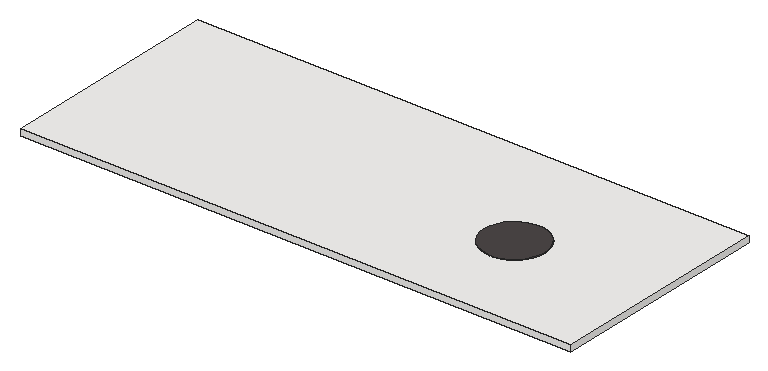
Revit family "console with cutout for bowl without tap hole", category Furniture, Revit 2019 (continued)
Definition of nested family "console 780_550 with cutout in the middle for bowl without tap hole-54113630-dark_walnut-200_content"
  Parameters (values of type "Console 780_550 with cutout in the middle for bowl without tap hole-54113630-DARK_WALNUT-200_Content")
    Model = "Console 780/550 with cutout in the middle for bowl without tap hole-54113630-DARK_WALNUT-200"
    Manufacturer = "Hansgrohe"
    MASTERFORMAT = "12 35 30.23 | Bathroom Casework"
    LODLEVEL = "200"
    LL = 390
    LINA = "Console 780/550 with cutout in the middle for bowl without tap hole-54113630-DARK_WALNUT-200"
    L = 780
    IFC = "Furnishing element"
    GTINCODE = "4059625457535"
    ETIM = "EC011381 | Bathroom furniture set"
    Default Elevation = 1219.2 mm
    DESIGN = "Germany"
    ContentVisible [instance] = yes
    CATALOG = "Hansgrohe"
    BIMOBJECT = "Sanitary: Compound units "
    BASENUMBER = "Console 780/550 with cutout in the middle for bowl without tap hole"
    ARTNR = "54113630"
  Reference planes
    plane 1 "Center (Front/Back)": y = 0
    plane 2: z = 0
    plane 3 "Center (Left/Right)": x = 0
  Forms (mm)
    Extrusion 1, solid, visible <- "ContentVisible", detail levels medium+fine
      sketch origin (0, 0, 0.5) x (1, 0, 0) y (0, 1, 0)
        loop
          line (-390, 0) -> (-390, -550) -> (390, -550) -> (390, 0) -> (-390, 0)
      from 0 to 15
    Extrusion 2, solid, visible <- "ContentVisible", detail levels medium+fine
      sketch origin (0, 0, 0) x (1, 0, 0) y (0, 1, 0)
        loop
          circle (0, -297.5) r 75
      from 0 to 16
    Extrusion 3, solid, visible <- "ContentVisible", detail levels coarse
      sketch origin (0, -275, 0) x (1, 0, 0) y (0, 1, 0)
        loop
          line (-390, -275) -> (390, -275) -> (390, 275) -> (-390, 275) -> (-390, -275)
      from 0 to 16
  Dimensions and locks
    aligned and locked: level to plane 2
Definition of nested family "console 780_550 with cutout in the middle for bowl without tap hole-54113630-dark_walnut-400_content"
  Parameters (values of type "Console 780_550 with cutout in the middle for bowl without tap hole-54113630-DARK_WALNUT-400_Content")
    WEIGHT = "8.4"
    UNSPSC = "56 | Furniture and Furnishings"
    UNIFORMATII = "E2010 | Fixed Furnishings"
    UNICLASS2015 = "Pr_40_20_76_94 | Vanity units"
    SURFACE = "DARK_WALNUT"
    SPECIFICATION = "Surfaces:    - 54113050 High Gloss White  - 54113910 Diamond Matt Grey  - 54113230 Natural Oak  - 54113630 Dark Walnut      Specification:"
    REGIONSET = "Worldwide"
    R = 75
    PRODUCTURL = "https://pro.hansgrohe.com/articledetail--54113050"
    PRODUCTGROUP = "console"
    PRODUCTFAMILY = "Xelu Q"
    PERMALINK = "54113XXX"
    OMNICLASS = "23-19 31 17 11 | Bathroom Units"
    OBJECTTYPE = "Object (single object)"
    NN = "Console with cutout for bowl without tap hole"
    NBSYN = "$BASENUMBER.-$ARTNR.-$SURFACE.-$LODLEVEL."
    NB = "Console 780/550 with cutout in the middle for bowl without tap hole-54113630-DARK_WALNUT-400"
    NAME = "Xelu Q Console 780/550 with cutout in the middle for bowl without tap hole"
    Model = "Console 780/550 with cutout in the middle for bowl without tap hole-54113630-DARK_WALNUT-400"
    Manufacturer = "Hansgrohe"
    MASTERFORMAT = "12 35 30.23 | Bathroom Casework"
    LODLEVEL = "400"
    LL = 390
    LINA = "Console 780/550 with cutout in the middle for bowl without tap hole-54113630-DARK_WALNUT-400"
    L = 780
    IFC = "Furnishing element"
    GTINCODE = "4059625457535"
    ETIM = "EC011381 | Bathroom furniture set"
    Default Elevation = 1219.2 mm
    DESIGN = "Germany"
    ContentVisible [instance] = yes
    CATALOG = "Hansgrohe"
    BIMOBJECT = "Sanitary: Compound units "
    BASENUMBER = "Console 780/550 with cutout in the middle for bowl without tap hole"
    ARTNR = "54113630"
  Reference planes
    plane 1 "Center (Front/Back)": y = 0
    plane 2: z = 0
    plane 3 "Center (Left/Right)": x = 0
  Forms (mm)
    Extrusion 1, solid, visible <- "ContentVisible", detail levels medium+fine
      sketch origin (0, 0, 0) x (1, 0, 0) y (0, 1, 0)
        loop
          line (-390, 0) -> (-390, -297.5) -> (-172, -297.5) -> (-172, -260)
          arc (-172, -260) -> (-165, -253) -> (-158, -260) r 7
          line (-158, -260) -> (-158, -297.5) -> (-75, -297.5)
          arc (-75, -297.5) -> (0, -222.5) -> (75, -297.5) r 75
          line (75, -297.5) -> (158, -297.5) -> (158, -260)
          arc (158, -260) -> (165, -253) -> (172, -260) r 7
          line (172, -260) -> (172, -297.5) -> (390, -297.5) -> (390, 0) -> (-390, 0)
      from 0 to 16
    Extrusion 2, solid, visible <- "ContentVisible", detail levels medium+fine
      sketch origin (0, 0, 0) x (1, 0, 0) y (0, 1, 0)
        loop
          line (-390, -297.5) -> (-390, -532)
          arc (-390, -532) -> (-384.728, -544.728) -> (-372, -550) r 18
          line (-372, -550) -> (372, -550)
          arc (372, -550) -> (384.728, -544.728) -> (390, -532) r 18
          line (390, -532) -> (390, -297.5) -> (172, -297.5) -> (172, -335)
          arc (172, -335) -> (165, -342) -> (158, -335) r 7
          line (158, -335) -> (158, -297.5) -> (75, -297.5)
          arc (75, -297.5) -> (0, -372.5) -> (-75, -297.5) r 75
          line (-75, -297.5) -> (-158, -297.5) -> (-158, -335)
          arc (-158, -335) -> (-165, -342) -> (-172, -335) r 7
          line (-172, -335) -> (-172, -297.5) -> (-390, -297.5)
      from 0 to 16
    Extrusion 3, solid, visible <- "ContentVisible", detail levels coarse
      sketch origin (0, -275, 0) x (1, 0, 0) y (0, 1, 0)
        loop
          line (-390, -275) -> (390, -275) -> (390, 275) -> (-390, 275) -> (-390, -275)
      from 0 to 16
  Dimensions and locks
    aligned and locked: level to plane 2
Definition of nested family "console 780_550 with cutout in the middle for bowl without tap hole-54113910-diamond_grey-200_content"
  Parameters (values of type "Console 780_550 with cutout in the middle for bowl without tap hole-54113910-DIAMOND_GREY-200_Content")
    WEIGHT = "8.4"
    UNSPSC = "56 | Furniture and Furnishings"
    UNIFORMATII = "E2010 | Fixed Furnishings"
    UNICLASS2015 = "Pr_40_20_76_94 | Vanity units"
    SURFACE = "DIAMOND_GREY"
    SPECIFICATION = "Surfaces:    - 54113050 High Gloss White  - 54113910 Diamond Matt Grey  - 54113230 Natural Oak  - 54113630 Dark Walnut      Specification:"
    REGIONSET = "Worldwide"
    R = 75
    PRODUCTURL = "https://pro.hansgrohe.com/articledetail--54113050"
    PRODUCTGROUP = "console"
    PRODUCTFAMILY = "Xelu Q"
    PERMALINK = "54113XXX"
    OMNICLASS = "23-19 31 17 11 | Bathroom Units"
    OBJECTTYPE = "Object (single object)"
    NN = "Console with cutout for bowl without tap hole"
    NBSYN = "$BASENUMBER.-$ARTNR.-$SURFACE.-$LODLEVEL."
    NB = "Console 780/550 with cutout in the middle for bowl without tap hole-54113910-DIAMOND_GREY-200"
    NAME = "Xelu Q Console 780/550 with cutout in the middle for bowl without tap hole"
    Model = "Console 780/550 with cutout in the middle for bowl without tap hole-54113910-DIAMOND_GREY-200"
    Manufacturer = "Hansgrohe"
    MASTERFORMAT = "12 35 30.23 | Bathroom Casework"
    LODLEVEL = "200"
    LL = 390
    LINA = "Console 780/550 with cutout in the middle for bowl without tap hole-54113910-DIAMOND_GREY-200"
    L = 780
    IFC = "Furnishing element"
    GTINCODE = "4059625457535"
    ETIM = "EC011381 | Bathroom furniture set"
    Default Elevation = 1219.2 mm
    DESIGN = "Germany"
    ContentVisible [instance] = yes
    CATALOG = "Hansgrohe"
    BIMOBJECT = "Sanitary: Compound units "
    BASENUMBER = "Console 780/550 with cutout in the middle for bowl without tap hole"
    ARTNR = "54113910"
  Reference planes
    plane 1 "Center (Front/Back)": y = 0
    plane 2: z = 0
    plane 3 "Center (Left/Right)": x = 0
  Forms (mm)
    Extrusion 1, solid, visible <- "ContentVisible", detail levels medium+fine
      sketch origin (0, 0, 0.5) x (1, 0, 0) y (0, 1, 0)
        loop
          line (-390, 0) -> (-390, -550) -> (390, -550) -> (390, 0) -> (-390, 0)
      from 0 to 15
    Extrusion 2, solid, visible <- "ContentVisible", detail levels medium+fine
      sketch origin (0, 0, 0) x (1, 0, 0) y (0, 1, 0)
        loop
          circle (0, -297.5) r 75
      from 0 to 16
    Extrusion 3, solid, visible <- "ContentVisible", detail levels coarse
      sketch origin (0, -275, 0) x (1, 0, 0) y (0, 1, 0)
        loop
          line (-390, -275) -> (390, -275) -> (390, 275) -> (-390, 275) -> (-390, -275)
      from 0 to 16
  Dimensions and locks
    aligned and locked: level to plane 2
Definition of nested family "console 780_550 with cutout in the middle for bowl without tap hole-54113910-diamond_grey-400_content"
  Parameters (values of type "Console 780_550 with cutout in the middle for bowl without tap hole-54113910-DIAMOND_GREY-400_Content")
    WEIGHT = "8.4"
    UNSPSC = "56 | Furniture and Furnishings"
    UNIFORMATII = "E2010 | Fixed Furnishings"
    UNICLASS2015 = "Pr_40_20_76_94 | Vanity units"
    SURFACE = "DIAMOND_GREY"
    SPECIFICATION = "Surfaces:    - 54113050 High Gloss White  - 54113910 Diamond Matt Grey  - 54113230 Natural Oak  - 54113630 Dark Walnut      Specification:"
    REGIONSET = "Worldwide"
    R = 75
    PRODUCTURL = "https://pro.hansgrohe.com/articledetail--54113050"
    PRODUCTGROUP = "console"
    PRODUCTFAMILY = "Xelu Q"
    PERMALINK = "54113XXX"
    OMNICLASS = "23-19 31 17 11 | Bathroom Units"
    OBJECTTYPE = "Object (single object)"
    NN = "Console with cutout for bowl without tap hole"
    NBSYN = "$BASENUMBER.-$ARTNR.-$SURFACE.-$LODLEVEL."
    NB = "Console 780/550 with cutout in the middle for bowl without tap hole-54113910-DIAMOND_GREY-400"
    NAME = "Xelu Q Console 780/550 with cutout in the middle for bowl without tap hole"
    Model = "Console 780/550 with cutout in the middle for bowl without tap hole-54113910-DIAMOND_GREY-400"
    Manufacturer = "Hansgrohe"
    MASTERFORMAT = "12 35 30.23 | Bathroom Casework"
    LODLEVEL = "400"
    LL = 390
    LINA = "Console 780/550 with cutout in the middle for bowl without tap hole-54113910-DIAMOND_GREY-400"
    L = 780
    IFC = "Furnishing element"
    GTINCODE = "4059625457535"
    ETIM = "EC011381 | Bathroom furniture set"
    Default Elevation = 1219.2 mm
    DESIGN = "Germany"
    ContentVisible [instance] = yes
    CATALOG = "Hansgrohe"
    BIMOBJECT = "Sanitary: Compound units "
    BASENUMBER = "Console 780/550 with cutout in the middle for bowl without tap hole"
    ARTNR = "54113910"
  Reference planes
    plane 1 "Center (Front/Back)": y = 0
    plane 2: z = 0
    plane 3 "Center (Left/Right)": x = 0
  Forms (mm)
    Extrusion 1, solid, visible <- "ContentVisible", detail levels medium+fine
      sketch origin (0, 0, 0) x (1, 0, 0) y (0, 1, 0)
        loop
          line (-390, 0) -> (-390, -297.5) -> (-172, -297.5) -> (-172, -260)
          arc (-172, -260) -> (-165, -253) -> (-158, -260) r 7
          line (-158, -260) -> (-158, -297.5) -> (-75, -297.5)
          arc (-75, -297.5) -> (0, -222.5) -> (75, -297.5) r 75
          line (75, -297.5) -> (158, -297.5) -> (158, -260)
          arc (158, -260) -> (165, -253) -> (172, -260) r 7
          line (172, -260) -> (172, -297.5) -> (390, -297.5) -> (390, 0) -> (-390, 0)
      from 0 to 16
    Extrusion 2, solid, visible <- "ContentVisible", detail levels medium+fine
      sketch origin (0, 0, 0) x (1, 0, 0) y (0, 1, 0)
        loop
          line (-390, -297.5) -> (-390, -532)
          arc (-390, -532) -> (-384.728, -544.728) -> (-372, -550) r 18
          line (-372, -550) -> (372, -550)
          arc (372, -550) -> (384.728, -544.728) -> (390, -532) r 18
          line (390, -532) -> (390, -297.5) -> (172, -297.5) -> (172, -335)
          arc (172, -335) -> (165, -342) -> (158, -335) r 7
          line (158, -335) -> (158, -297.5) -> (75, -297.5)
          arc (75, -297.5) -> (0, -372.5) -> (-75, -297.5) r 75
          line (-75, -297.5) -> (-158, -297.5) -> (-158, -335)
          arc (-158, -335) -> (-165, -342) -> (-172, -335) r 7
          line (-172, -335) -> (-172, -297.5) -> (-390, -297.5)
      from 0 to 16
    Extrusion 3, solid, visible <- "ContentVisible", detail levels coarse
      sketch origin (0, -275, 0) x (1, 0, 0) y (0, 1, 0)
        loop
          line (-390, -275) -> (390, -275) -> (390, 275) -> (-390, 275) -> (-390, -275)
      from 0 to 16
  Dimensions and locks
    aligned and locked: level to plane 2
Definition of nested family "console 980_550 with cutout in the middle for bowl without tap hole-54114050-glossy_white-200_content"
  Parameters (values of type "Console 980_550 with cutout in the middle for bowl without tap hole-54114050-GLOSSY_WHITE-200_Content")
    WEIGHT = "13.2"
    UNSPSC = "56 | Furniture and Furnishings"
    UNIFORMATII = "E2010 | Fixed Furnishings"
    UNICLASS2015 = "Pr_40_20_76_94 | Vanity units"
    SURFACE = "GLOSSY_WHITE"
    SPECIFICATION = "Surfaces:    - 54114050 High Gloss White  - 54114910 Diamond Matt Grey  - 54114230 Natural Oak  - 54114630 Dark Walnut      Specification:"
    REGIONSET = "Worldwide"
    R = 75
    PRODUCTURL = "https://pro.hansgrohe.com/articledetail--54114050"
    PRODUCTGROUP = "console"
    PRODUCTFAMILY = "Xelu Q"
    PERMALINK = "54114XXX"
    OMNICLASS = "23-19 31 17 11 | Bathroom Units"
    OBJECTTYPE = "Object (single object)"
    NN = "Console with cutout for bowl without tap hole"
    NBSYN = "$BASENUMBER.-$ARTNR.-$SURFACE.-$LODLEVEL."
    NB = "Console 980/550 with cutout in the middle for bowl without tap hole-54114050-GLOSSY_WHITE-200"
    NAME = "Xelu Q Console 980/550 with cutout in the middle for bowl without tap hole"
    Model = "Console 980/550 with cutout in the middle for bowl without tap hole-54114050-GLOSSY_WHITE-200"
    Manufacturer = "Hansgrohe"
    MASTERFORMAT = "12 35 30.23 | Bathroom Casework"
    LODLEVEL = "200"
    LL = 490
    LINA = "Console 980/550 with cutout in the middle for bowl without tap hole-54114050-GLOSSY_WHITE-200"
    L = 980
    IFC = "Furnishing element"
    GTINCODE = "4059625457498"
    ETIM = "EC011381 | Bathroom furniture set"
    Default Elevation = 1219.2 mm
    DESIGN = "Germany"
    ContentVisible [instance] = yes
    CATALOG = "Hansgrohe"
    BIMOBJECT = "Sanitary: Compound units "
    BASENUMBER = "Console 980/550 with cutout in the middle for bowl without tap hole"
    ARTNR = "54114050"
  Reference planes
    plane 1 "Center (Front/Back)": y = 0
    plane 2: z = 0
    plane 3 "Center (Left/Right)": x = 0
  Forms (mm)
    Extrusion 1, solid, visible <- "ContentVisible", detail levels medium+fine
      sketch origin (0, 0, 0.5) x (1, 0, 0) y (0, 1, 0)
        loop
          line (-490, 0) -> (-490, -550) -> (490, -550) -> (490, 0) -> (-490, 0)
      from 0 to 15
    Extrusion 2, solid, visible <- "ContentVisible", detail levels medium+fine
      sketch origin (0, 0, 0) x (1, 0, 0) y (0, 1, 0)
        loop
          circle (0, -297.5) r 75
      from 0 to 16
    Extrusion 3, solid, visible <- "ContentVisible", detail levels coarse
      sketch origin (0, -275, 0) x (1, 0, 0) y (0, 1, 0)
        loop
          line (-490, -275) -> (490, -275) -> (490, 275) -> (-490, 275) -> (-490, -275)
      from 0 to 16
  Dimensions and locks
    aligned and locked: level to plane 2
Definition of nested family "console 980_550 with cutout in the middle for bowl without tap hole-54114050-glossy_white-400_content"
  Parameters (values of type "Console 980_550 with cutout in the middle for bowl without tap hole-54114050-GLOSSY_WHITE-400_Content")
    WEIGHT = "13.2"
    UNSPSC = "56 | Furniture and Furnishings"
    UNIFORMATII = "E2010 | Fixed Furnishings"
    UNICLASS2015 = "Pr_40_20_76_94 | Vanity units"
    SURFACE = "GLOSSY_WHITE"
    SPECIFICATION = "Surfaces:    - 54114050 High Gloss White  - 54114910 Diamond Matt Grey  - 54114230 Natural Oak  - 54114630 Dark Walnut      Specification:"
    REGIONSET = "Worldwide"
    R = 75
    PRODUCTURL = "https://pro.hansgrohe.com/articledetail--54114050"
    PRODUCTGROUP = "console"
    PRODUCTFAMILY = "Xelu Q"
    PERMALINK = "54114XXX"
    OMNICLASS = "23-19 31 17 11 | Bathroom Units"
    OBJECTTYPE = "Object (single object)"
    NN = "Console with cutout for bowl without tap hole"
    NBSYN = "$BASENUMBER.-$ARTNR.-$SURFACE.-$LODLEVEL."
    NB = "Console 980/550 with cutout in the middle for bowl without tap hole-54114050-GLOSSY_WHITE-400"
    NAME = "Xelu Q Console 980/550 with cutout in the middle for bowl without tap hole"
    Model = "Console 980/550 with cutout in the middle for bowl without tap hole-54114050-GLOSSY_WHITE-400"
    Manufacturer = "Hansgrohe"
    MASTERFORMAT = "12 35 30.23 | Bathroom Casework"
    LODLEVEL = "400"
    LL = 490
    LINA = "Console 980/550 with cutout in the middle for bowl without tap hole-54114050-GLOSSY_WHITE-400"
    L = 980
    IFC = "Furnishing element"
    GTINCODE = "4059625457498"
    ETIM = "EC011381 | Bathroom furniture set"
    Default Elevation = 1219.2 mm
    DESIGN = "Germany"
    ContentVisible [instance] = yes
    CATALOG = "Hansgrohe"
    BIMOBJECT = "Sanitary: Compound units "
    BASENUMBER = "Console 980/550 with cutout in the middle for bowl without tap hole"
    ARTNR = "54114050"
  Reference planes
    plane 1 "Center (Front/Back)": y = 0
    plane 2: z = 0
    plane 3 "Center (Left/Right)": x = 0
  Forms (mm)
    Extrusion 1, solid, visible <- "ContentVisible", detail levels medium+fine
      sketch origin (0, 0, 0) x (1, 0, 0) y (0, 1, 0)
        loop
          line (-490, 0) -> (-490, -297.5) -> (-172, -297.5) -> (-172, -260)
          arc (-172, -260) -> (-165, -253) -> (-158, -260) r 7
          line (-158, -260) -> (-158, -297.5) -> (-75, -297.5)
          arc (-75, -297.5) -> (0, -222.5) -> (75, -297.5) r 75
          line (75, -297.5) -> (158, -297.5) -> (158, -260)
          arc (158, -260) -> (165, -253) -> (172, -260) r 7
          line (172, -260) -> (172, -297.5) -> (490, -297.5) -> (490, 0) -> (-490, 0)
      from 0 to 16
    Extrusion 2, solid, visible <- "ContentVisible", detail levels medium+fine
      sketch origin (0, 0, 0) x (1, 0, 0) y (0, 1, 0)
        loop
          line (-490, -297.5) -> (-490, -532)
          arc (-490, -532) -> (-484.728, -544.728) -> (-472, -550) r 18
          line (-472, -550) -> (472, -550)
          arc (472, -550) -> (484.728, -544.728) -> (490, -532) r 18
          line (490, -532) -> (490, -297.5) -> (172, -297.5) -> (172, -335)
          arc (172, -335) -> (165, -342) -> (158, -335) r 7
          line (158, -335) -> (158, -297.5) -> (75, -297.5)
          arc (75, -297.5) -> (0, -372.5) -> (-75, -297.5) r 75
          line (-75, -297.5) -> (-158, -297.5) -> (-158, -335)
          arc (-158, -335) -> (-165, -342) -> (-172, -335) r 7
          line (-172, -335) -> (-172, -297.5) -> (-490, -297.5)
      from 0 to 16
    Extrusion 3, solid, visible <- "ContentVisible", detail levels coarse
      sketch origin (0, -275, 0) x (1, 0, 0) y (0, 1, 0)
        loop
          line (-490, -275) -> (490, -275) -> (490, 275) -> (-490, 275) -> (-490, -275)
      from 0 to 16
  Dimensions and locks
    aligned and locked: level to plane 2
Definition of nested family "console 980_550 with cutout in the middle for bowl without tap hole-54114230-natural_oak-200_content"
  Parameters (values of type "Console 980_550 with cutout in the middle for bowl without tap hole-54114230-NATURAL_OAK-200_Content")
    WEIGHT = "13.2"
    UNSPSC = "56 | Furniture and Furnishings"
    UNIFORMATII = "E2010 | Fixed Furnishings"
    UNICLASS2015 = "Pr_40_20_76_94 | Vanity units"
    SURFACE = "NATURAL_OAK"
    SPECIFICATION = "Surfaces:    - 54114050 High Gloss White  - 54114910 Diamond Matt Grey  - 54114230 Natural Oak  - 54114630 Dark Walnut      Specification:"
    REGIONSET = "Worldwide"
    R = 75
    PRODUCTURL = "https://pro.hansgrohe.com/articledetail--54114050"
    PRODUCTGROUP = "console"
    PRODUCTFAMILY = "Xelu Q"
    PERMALINK = "54114XXX"
    OMNICLASS = "23-19 31 17 11 | Bathroom Units"
    OBJECTTYPE = "Object (single object)"
    NN = "Console with cutout for bowl without tap hole"
    NBSYN = "$BASENUMBER.-$ARTNR.-$SURFACE.-$LODLEVEL."
    NB = "Console 980/550 with cutout in the middle for bowl without tap hole-54114230-NATURAL_OAK-200"
    NAME = "Xelu Q Console 980/550 with cutout in the middle for bowl without tap hole"
    Model = "Console 980/550 with cutout in the middle for bowl without tap hole-54114230-NATURAL_OAK-200"
    Manufacturer = "Hansgrohe"
    MASTERFORMAT = "12 35 30.23 | Bathroom Casework"
    LODLEVEL = "200"
    LL = 490
    LINA = "Console 980/550 with cutout in the middle for bowl without tap hole-54114230-NATURAL_OAK-200"
    L = 980
    IFC = "Furnishing element"
    GTINCODE = "4059625457498"
    ETIM = "EC011381 | Bathroom furniture set"
    Default Elevation = 1219.2 mm
    DESIGN = "Germany"
    ContentVisible [instance] = yes
    CATALOG = "Hansgrohe"
    BIMOBJECT = "Sanitary: Compound units "
    BASENUMBER = "Console 980/550 with cutout in the middle for bowl without tap hole"
    ARTNR = "54114230"
  Reference planes
    plane 1 "Center (Front/Back)": y = 0
    plane 2: z = 0
    plane 3 "Center (Left/Right)": x = 0
  Forms (mm)
    Extrusion 1, solid, visible <- "ContentVisible", detail levels medium+fine
      sketch origin (0, 0, 0.5) x (1, 0, 0) y (0, 1, 0)
        loop
          line (-490, 0) -> (-490, -550) -> (490, -550) -> (490, 0) -> (-490, 0)
      from 0 to 15
    Extrusion 2, solid, visible <- "ContentVisible", detail levels medium+fine
      sketch origin (0, 0, 0) x (1, 0, 0) y (0, 1, 0)
        loop
          circle (0, -297.5) r 75
      from 0 to 16
    Extrusion 3, solid, visible <- "ContentVisible", detail levels coarse
      sketch origin (0, -275, 0) x (1, 0, 0) y (0, 1, 0)
        loop
          line (-490, -275) -> (490, -275) -> (490, 275) -> (-490, 275) -> (-490, -275)
      from 0 to 16
  Dimensions and locks
    aligned and locked: level to plane 2
Definition of nested family "console 980_550 with cutout in the middle for bowl without tap hole-54114230-natural_oak-400_content"
  Parameters (values of type "Console 980_550 with cutout in the middle for bowl without tap hole-54114230-NATURAL_OAK-400_Content")
    WEIGHT = "13.2"
    UNSPSC = "56 | Furniture and Furnishings"
    UNIFORMATII = "E2010 | Fixed Furnishings"
    UNICLASS2015 = "Pr_40_20_76_94 | Vanity units"
    SURFACE = "NATURAL_OAK"
    SPECIFICATION = "Surfaces:    - 54114050 High Gloss White  - 54114910 Diamond Matt Grey  - 54114230 Natural Oak  - 54114630 Dark Walnut      Specification:"
    REGIONSET = "Worldwide"
    R = 75
    PRODUCTURL = "https://pro.hansgrohe.com/articledetail--54114050"
    PRODUCTGROUP = "console"
    PRODUCTFAMILY = "Xelu Q"
    PERMALINK = "54114XXX"
    OMNICLASS = "23-19 31 17 11 | Bathroom Units"
    OBJECTTYPE = "Object (single object)"
    NN = "Console with cutout for bowl without tap hole"
    NBSYN = "$BASENUMBER.-$ARTNR.-$SURFACE.-$LODLEVEL."
    NB = "Console 980/550 with cutout in the middle for bowl without tap hole-54114230-NATURAL_OAK-400"
    NAME = "Xelu Q Console 980/550 with cutout in the middle for bowl without tap hole"
    Model = "Console 980/550 with cutout in the middle for bowl without tap hole-54114230-NATURAL_OAK-400"
    Manufacturer = "Hansgrohe"
    MASTERFORMAT = "12 35 30.23 | Bathroom Casework"
    LODLEVEL = "400"
    LL = 490
    LINA = "Console 980/550 with cutout in the middle for bowl without tap hole-54114230-NATURAL_OAK-400"
    L = 980
    IFC = "Furnishing element"
    GTINCODE = "4059625457498"
    ETIM = "EC011381 | Bathroom furniture set"
    Default Elevation = 1219.2 mm
    DESIGN = "Germany"
    ContentVisible [instance] = yes
    CATALOG = "Hansgrohe"
    BIMOBJECT = "Sanitary: Compound units "
    BASENUMBER = "Console 980/550 with cutout in the middle for bowl without tap hole"
    ARTNR = "54114230"
  Reference planes
    plane 1 "Center (Front/Back)": y = 0
    plane 2: z = 0
    plane 3 "Center (Left/Right)": x = 0
  Forms (mm)
    Extrusion 1, solid, visible <- "ContentVisible", detail levels medium+fine
      sketch origin (0, 0, 0) x (1, 0, 0) y (0, 1, 0)
        loop
          line (-490, 0) -> (-490, -297.5) -> (-172, -297.5) -> (-172, -260)
          arc (-172, -260) -> (-165, -253) -> (-158, -260) r 7
          line (-158, -260) -> (-158, -297.5) -> (-75, -297.5)
          arc (-75, -297.5) -> (0, -222.5) -> (75, -297.5) r 75
          line (75, -297.5) -> (158, -297.5) -> (158, -260)
          arc (158, -260) -> (165, -253) -> (172, -260) r 7
          line (172, -260) -> (172, -297.5) -> (490, -297.5) -> (490, 0) -> (-490, 0)
      from 0 to 16
    Extrusion 2, solid, visible <- "ContentVisible", detail levels medium+fine
      sketch origin (0, 0, 0) x (1, 0, 0) y (0, 1, 0)
        loop
          line (-490, -297.5) -> (-490, -532)
          arc (-490, -532) -> (-484.728, -544.728) -> (-472, -550) r 18
          line (-472, -550) -> (472, -550)
          arc (472, -550) -> (484.728, -544.728) -> (490, -532) r 18
          line (490, -532) -> (490, -297.5) -> (172, -297.5) -> (172, -335)
          arc (172, -335) -> (165, -342) -> (158, -335) r 7
          line (158, -335) -> (158, -297.5) -> (75, -297.5)
          arc (75, -297.5) -> (0, -372.5) -> (-75, -297.5) r 75
          line (-75, -297.5) -> (-158, -297.5) -> (-158, -335)
          arc (-158, -335) -> (-165, -342) -> (-172, -335) r 7
          line (-172, -335) -> (-172, -297.5) -> (-490, -297.5)
      from 0 to 16
    Extrusion 3, solid, visible <- "ContentVisible", detail levels coarse
      sketch origin (0, -275, 0) x (1, 0, 0) y (0, 1, 0)
        loop
          line (-490, -275) -> (490, -275) -> (490, 275) -> (-490, 275) -> (-490, -275)
      from 0 to 16
  Dimensions and locks
    aligned and locked: level to plane 2
Definition of nested family "console 980_550 with cutout in the middle for bowl without tap hole-54114630-dark_walnut-200_content"
  Parameters (values of type "Console 980_550 with cutout in the middle for bowl without tap hole-54114630-DARK_WALNUT-200_Content")
    WEIGHT = "13.2"
    UNSPSC = "56 | Furniture and Furnishings"
    UNIFORMATII = "E2010 | Fixed Furnishings"
    UNICLASS2015 = "Pr_40_20_76_94 | Vanity units"
    SURFACE = "DARK_WALNUT"
    SPECIFICATION = "Surfaces:    - 54114050 High Gloss White  - 54114910 Diamond Matt Grey  - 54114230 Natural Oak  - 54114630 Dark Walnut      Specification:"
    REGIONSET = "Worldwide"
    R = 75
    PRODUCTURL = "https://pro.hansgrohe.com/articledetail--54114050"
    PRODUCTGROUP = "console"
    PRODUCTFAMILY = "Xelu Q"
    PERMALINK = "54114XXX"
    OMNICLASS = "23-19 31 17 11 | Bathroom Units"
    OBJECTTYPE = "Object (single object)"
    NN = "Console with cutout for bowl without tap hole"
    NBSYN = "$BASENUMBER.-$ARTNR.-$SURFACE.-$LODLEVEL."
    NB = "Console 980/550 with cutout in the middle for bowl without tap hole-54114630-DARK_WALNUT-200"
    NAME = "Xelu Q Console 980/550 with cutout in the middle for bowl without tap hole"
    Model = "Console 980/550 with cutout in the middle for bowl without tap hole-54114630-DARK_WALNUT-200"
    Manufacturer = "Hansgrohe"
    MASTERFORMAT = "12 35 30.23 | Bathroom Casework"
    LODLEVEL = "200"
    LL = 490
    LINA = "Console 980/550 with cutout in the middle for bowl without tap hole-54114630-DARK_WALNUT-200"
    L = 980
    IFC = "Furnishing element"
    GTINCODE = "4059625457498"
    ETIM = "EC011381 | Bathroom furniture set"
    Default Elevation = 1219.2 mm
    DESIGN = "Germany"
    ContentVisible [instance] = yes
    CATALOG = "Hansgrohe"
    BIMOBJECT = "Sanitary: Compound units "
    BASENUMBER = "Console 980/550 with cutout in the middle for bowl without tap hole"
    ARTNR = "54114630"
  Reference planes
    plane 1 "Center (Front/Back)": y = 0
    plane 2: z = 0
    plane 3 "Center (Left/Right)": x = 0
  Forms (mm)
    Extrusion 1, solid, visible <- "ContentVisible", detail levels medium+fine
      sketch origin (0, 0, 0.5) x (1, 0, 0) y (0, 1, 0)
        loop
          line (-490, 0) -> (-490, -550) -> (490, -550) -> (490, 0) -> (-490, 0)
      from 0 to 15
    Extrusion 2, solid, visible <- "ContentVisible", detail levels medium+fine
      sketch origin (0, 0, 0) x (1, 0, 0) y (0, 1, 0)
        loop
          circle (0, -297.5) r 75
      from 0 to 16
    Extrusion 3, solid, visible <- "ContentVisible", detail levels coarse
      sketch origin (0, -275, 0) x (1, 0, 0) y (0, 1, 0)
        loop
          line (-490, -275) -> (490, -275) -> (490, 275) -> (-490, 275) -> (-490, -275)
      from 0 to 16
  Dimensions and locks
    aligned and locked: level to plane 2
Definition of nested family "console 980_550 with cutout in the middle for bowl without tap hole-54114630-dark_walnut-400_content"
  Parameters (values of type "Console 980_550 with cutout in the middle for bowl without tap hole-54114630-DARK_WALNUT-400_Content")
    WEIGHT = "13.2"
    UNSPSC = "56 | Furniture and Furnishings"
    UNIFORMATII = "E2010 | Fixed Furnishings"
    UNICLASS2015 = "Pr_40_20_76_94 | Vanity units"
    SURFACE = "DARK_WALNUT"
    SPECIFICATION = "Surfaces:    - 54114050 High Gloss White  - 54114910 Diamond Matt Grey  - 54114230 Natural Oak  - 54114630 Dark Walnut      Specification:"
    REGIONSET = "Worldwide"
    R = 75
    PRODUCTURL = "https://pro.hansgrohe.com/articledetail--54114050"
    PRODUCTGROUP = "console"
    PRODUCTFAMILY = "Xelu Q"
    PERMALINK = "54114XXX"
    OMNICLASS = "23-19 31 17 11 | Bathroom Units"
    OBJECTTYPE = "Object (single object)"
    NN = "Console with cutout for bowl without tap hole"
    NBSYN = "$BASENUMBER.-$ARTNR.-$SURFACE.-$LODLEVEL."
    NB = "Console 980/550 with cutout in the middle for bowl without tap hole-54114630-DARK_WALNUT-400"
    NAME = "Xelu Q Console 980/550 with cutout in the middle for bowl without tap hole"
    Model = "Console 980/550 with cutout in the middle for bowl without tap hole-54114630-DARK_WALNUT-400"
    Manufacturer = "Hansgrohe"
    MASTERFORMAT = "12 35 30.23 | Bathroom Casework"
    LODLEVEL = "400"
    LL = 490
    LINA = "Console 980/550 with cutout in the middle for bowl without tap hole-54114630-DARK_WALNUT-400"
    L = 980
    IFC = "Furnishing element"
    GTINCODE = "4059625457498"
    ETIM = "EC011381 | Bathroom furniture set"
    Default Elevation = 1219.2 mm
    DESIGN = "Germany"
    ContentVisible [instance] = yes
    CATALOG = "Hansgrohe"
    BIMOBJECT = "Sanitary: Compound units "
    BASENUMBER = "Console 980/550 with cutout in the middle for bowl without tap hole"
    ARTNR = "54114630"
  Reference planes
    plane 1 "Center (Front/Back)": y = 0
    plane 2: z = 0
    plane 3 "Center (Left/Right)": x = 0
  Forms (mm)
    Extrusion 1, solid, visible <- "ContentVisible", detail levels medium+fine
      sketch origin (0, 0, 0) x (1, 0, 0) y (0, 1, 0)
        loop
          line (-490, 0) -> (-490, -297.5) -> (-172, -297.5) -> (-172, -260)
          arc (-172, -260) -> (-165, -253) -> (-158, -260) r 7
          line (-158, -260) -> (-158, -297.5) -> (-75, -297.5)
          arc (-75, -297.5) -> (0, -222.5) -> (75, -297.5) r 75
          line (75, -297.5) -> (158, -297.5) -> (158, -260)
          arc (158, -260) -> (165, -253) -> (172, -260) r 7
          line (172, -260) -> (172, -297.5) -> (490, -297.5) -> (490, 0) -> (-490, 0)
      from 0 to 16
    Extrusion 2, solid, visible <- "ContentVisible", detail levels medium+fine
      sketch origin (0, 0, 0) x (1, 0, 0) y (0, 1, 0)
        loop
          line (-490, -297.5) -> (-490, -532)
          arc (-490, -532) -> (-484.728, -544.728) -> (-472, -550) r 18
          line (-472, -550) -> (472, -550)
          arc (472, -550) -> (484.728, -544.728) -> (490, -532) r 18
          line (490, -532) -> (490, -297.5) -> (172, -297.5) -> (172, -335)
          arc (172, -335) -> (165, -342) -> (158, -335) r 7
          line (158, -335) -> (158, -297.5) -> (75, -297.5)
          arc (75, -297.5) -> (0, -372.5) -> (-75, -297.5) r 75
          line (-75, -297.5) -> (-158, -297.5) -> (-158, -335)
          arc (-158, -335) -> (-165, -342) -> (-172, -335) r 7
          line (-172, -335) -> (-172, -297.5) -> (-490, -297.5)
      from 0 to 16
    Extrusion 3, solid, visible <- "ContentVisible", detail levels coarse
      sketch origin (0, -275, 0) x (1, 0, 0) y (0, 1, 0)
        loop
          line (-490, -275) -> (490, -275) -> (490, 275) -> (-490, 275) -> (-490, -275)
      from 0 to 16
  Dimensions and locks
    aligned and locked: level to plane 2
Definition of nested family "console 980_550 with cutout in the middle for bowl without tap hole-54114910-diamond_grey-200_content"
  Parameters (values of type "Console 980_550 with cutout in the middle for bowl without tap hole-54114910-DIAMOND_GREY-200_Content")
    WEIGHT = "13.2"
    UNSPSC = "56 | Furniture and Furnishings"
    UNIFORMATII = "E2010 | Fixed Furnishings"
    UNICLASS2015 = "Pr_40_20_76_94 | Vanity units"
    SURFACE = "DIAMOND_GREY"
    SPECIFICATION = "Surfaces:    - 54114050 High Gloss White  - 54114910 Diamond Matt Grey  - 54114230 Natural Oak  - 54114630 Dark Walnut      Specification:"
    REGIONSET = "Worldwide"
    R = 75
    PRODUCTURL = "https://pro.hansgrohe.com/articledetail--54114050"
    PRODUCTGROUP = "console"
    PRODUCTFAMILY = "Xelu Q"
    PERMALINK = "54114XXX"
    OMNICLASS = "23-19 31 17 11 | Bathroom Units"
    OBJECTTYPE = "Object (single object)"
    NN = "Console with cutout for bowl without tap hole"
    NBSYN = "$BASENUMBER.-$ARTNR.-$SURFACE.-$LODLEVEL."
    NB = "Console 980/550 with cutout in the middle for bowl without tap hole-54114910-DIAMOND_GREY-200"
    NAME = "Xelu Q Console 980/550 with cutout in the middle for bowl without tap hole"
    Model = "Console 980/550 with cutout in the middle for bowl without tap hole-54114910-DIAMOND_GREY-200"
    Manufacturer = "Hansgrohe"
    MASTERFORMAT = "12 35 30.23 | Bathroom Casework"
    LODLEVEL = "200"
    LL = 490
    LINA = "Console 980/550 with cutout in the middle for bowl without tap hole-54114910-DIAMOND_GREY-200"
    L = 980
    IFC = "Furnishing element"
    GTINCODE = "4059625457498"
    ETIM = "EC011381 | Bathroom furniture set"
    Default Elevation = 1219.2 mm
    DESIGN = "Germany"
    ContentVisible [instance] = yes
    CATALOG = "Hansgrohe"
    BIMOBJECT = "Sanitary: Compound units "
    BASENUMBER = "Console 980/550 with cutout in the middle for bowl without tap hole"
    ARTNR = "54114910"
  Reference planes
    plane 1 "Center (Front/Back)": y = 0
    plane 2: z = 0
    plane 3 "Center (Left/Right)": x = 0
  Forms (mm)
    Extrusion 1, solid, visible <- "ContentVisible", detail levels medium+fine
      sketch origin (0, 0, 0.5) x (1, 0, 0) y (0, 1, 0)
        loop
          line (-490, 0) -> (-490, -550) -> (490, -550) -> (490, 0) -> (-490, 0)
      from 0 to 15
    Extrusion 2, solid, visible <- "ContentVisible", detail levels medium+fine
      sketch origin (0, 0, 0) x (1, 0, 0) y (0, 1, 0)
        loop
          circle (0, -297.5) r 75
      from 0 to 16
    Extrusion 3, solid, visible <- "ContentVisible", detail levels coarse
      sketch origin (0, -275, 0) x (1, 0, 0) y (0, 1, 0)
        loop
          line (-490, -275) -> (490, -275) -> (490, 275) -> (-490, 275) -> (-490, -275)
      from 0 to 16
  Dimensions and locks
    aligned and locked: level to plane 2
Definition of nested family "console 980_550 with cutout in the middle for bowl without tap hole-54114910-diamond_grey-400_content"
  Parameters (values of type "Console 980_550 with cutout in the middle for bowl without tap hole-54114910-DIAMOND_GREY-400_Content")
    WEIGHT = "13.2"
    UNSPSC = "56 | Furniture and Furnishings"
    UNIFORMATII = "E2010 | Fixed Furnishings"
    UNICLASS2015 = "Pr_40_20_76_94 | Vanity units"
    SURFACE = "DIAMOND_GREY"
    SPECIFICATION = "Surfaces:    - 54114050 High Gloss White  - 54114910 Diamond Matt Grey  - 54114230 Natural Oak  - 54114630 Dark Walnut      Specification:"
    REGIONSET = "Worldwide"
    R = 75
    PRODUCTURL = "https://pro.hansgrohe.com/articledetail--54114050"
    PRODUCTGROUP = "console"
    PRODUCTFAMILY = "Xelu Q"
    PERMALINK = "54114XXX"
    OMNICLASS = "23-19 31 17 11 | Bathroom Units"
    OBJECTTYPE = "Object (single object)"
    NN = "Console with cutout for bowl without tap hole"
    NBSYN = "$BASENUMBER.-$ARTNR.-$SURFACE.-$LODLEVEL."
    NB = "Console 980/550 with cutout in the middle for bowl without tap hole-54114910-DIAMOND_GREY-400"
    NAME = "Xelu Q Console 980/550 with cutout in the middle for bowl without tap hole"
    Model = "Console 980/550 with cutout in the middle for bowl without tap hole-54114910-DIAMOND_GREY-400"
    Manufacturer = "Hansgrohe"
    MASTERFORMAT = "12 35 30.23 | Bathroom Casework"
    LODLEVEL = "400"
    LL = 490
    LINA = "Console 980/550 with cutout in the middle for bowl without tap hole-54114910-DIAMOND_GREY-400"
    L = 980
    IFC = "Furnishing element"
    GTINCODE = "4059625457498"
    ETIM = "EC011381 | Bathroom furniture set"
    Default Elevation = 1219.2 mm
    DESIGN = "Germany"
    ContentVisible [instance] = yes
    CATALOG = "Hansgrohe"
    BIMOBJECT = "Sanitary: Compound units "
    BASENUMBER = "Console 980/550 with cutout in the middle for bowl without tap hole"
    ARTNR = "54114910"
  Reference planes
    plane 1 "Center (Front/Back)": y = 0
    plane 2: z = 0
    plane 3 "Center (Left/Right)": x = 0
  Forms (mm)
    Extrusion 1, solid, visible <- "ContentVisible", detail levels medium+fine
      sketch origin (0, 0, 0) x (1, 0, 0) y (0, 1, 0)
        loop
          line (-490, 0) -> (-490, -297.5) -> (-172, -297.5) -> (-172, -260)
          arc (-172, -260) -> (-165, -253) -> (-158, -260) r 7
          line (-158, -260) -> (-158, -297.5) -> (-75, -297.5)
          arc (-75, -297.5) -> (0, -222.5) -> (75, -297.5) r 75
          line (75, -297.5) -> (158, -297.5) -> (158, -260)
          arc (158, -260) -> (165, -253) -> (172, -260) r 7
          line (172, -260) -> (172, -297.5) -> (490, -297.5) -> (490, 0) -> (-490, 0)
      from 0 to 16
    Extrusion 2, solid, visible <- "ContentVisible", detail levels medium+fine
      sketch origin (0, 0, 0) x (1, 0, 0) y (0, 1, 0)
        loop
          line (-490, -297.5) -> (-490, -532)
          arc (-490, -532) -> (-484.728, -544.728) -> (-472, -550) r 18
          line (-472, -550) -> (472, -550)
          arc (472, -550) -> (484.728, -544.728) -> (490, -532) r 18
          line (490, -532) -> (490, -297.5) -> (172, -297.5) -> (172, -335)
          arc (172, -335) -> (165, -342) -> (158, -335) r 7
          line (158, -335) -> (158, -297.5) -> (75, -297.5)
          arc (75, -297.5) -> (0, -372.5) -> (-75, -297.5) r 75
          line (-75, -297.5) -> (-158, -297.5) -> (-158, -335)
          arc (-158, -335) -> (-165, -342) -> (-172, -335) r 7
          line (-172, -335) -> (-172, -297.5) -> (-490, -297.5)
      from 0 to 16
    Extrusion 3, solid, visible <- "ContentVisible", detail levels coarse
      sketch origin (0, -275, 0) x (1, 0, 0) y (0, 1, 0)
        loop
          line (-490, -275) -> (490, -275) -> (490, 275) -> (-490, 275) -> (-490, -275)
      from 0 to 16
  Dimensions and locks
    aligned and locked: level to plane 2
Types (40, lengths in mm): name | WEIGHT | SURFACE | SPECIFICATION | PRODUCTURL | PERMALINK | NB | NAME | Model | MIdent | LODLEVEL | LL | LINA | L | GTINCODE | Console 980_550 with cutout in the middle for bowl without tap hole-54114910-DIAMOND_GREY-400_RX0RY0RZ0TX0TY0TZ0_V | Console 980_550 with cutout in the middle for bowl without tap hole-54114910-DIAMOND_GREY-200_RX0RY0RZ0TX0TY0TZ0_V | Console 980_550 with cutout in the middle for bowl without tap hole-54114630-DARK_WALNUT-400_RX0RY0RZ0TX0TY0TZ0_V | Console 980_550 with cutout in the middle for bowl without tap hole-54114630-DARK_WALNUT-200_RX0RY0RZ0TX0TY0TZ0_V | Console 980_550 with cutout in the middle for bowl without tap hole-54114230-NATURAL_OAK-400_RX0RY0RZ0TX0TY0TZ0_V | Console 980_550 with cutout in the middle for bowl without tap hole-54114230-NATURAL_OAK-200_RX0RY0RZ0TX0TY0TZ0_V | Console 980_550 with cutout in the middle for bowl without tap hole-54114050-GLOSSY_WHITE-400_RX0RY0RZ0TX0TY0TZ0_V | Console 980_550 with cutout in the middle for bowl without tap hole-54114050-GLOSSY_WHITE-200_RX0RY0RZ0TX0TY0TZ0_V | Console 780_550 with cutout in the middle for bowl without tap hole-54113910-DIAMOND_GREY-400_RX0RY0RZ0TX0TY0TZ0_V | Console 780_550 with cutout in the middle for bowl without tap hole-54113910-DIAMOND_GREY-200_RX0RY0RZ0TX0TY0TZ0_V | Console 780_550 with cutout in the middle for bowl without tap hole-54113630-DARK_WALNUT-400_RX0RY0RZ0TX0TY0TZ0_V | Console 780_550 with cutout in the middle for bowl without tap hole-54113630-DARK_WALNUT-200_RX0RY0RZ0TX0TY0TZ0_V | Console 780_550 with cutout in the middle for bowl without tap hole-54113230-NATURAL_OAK-400_RX0RY0RZ0TX0TY0TZ0_V | Console 780_550 with cutout in the middle for bowl without tap hole-54113230-NATURAL_OAK-200_RX0RY0RZ0TX0TY0TZ0_V | Console 780_550 with cutout in the middle for bowl without tap hole-54113050-GLOSSY_WHITE-400_RX0RY0RZ0TX0TY0TZ0_V | Console 780_550 with cutout in the middle for bowl without tap hole-54113050-GLOSSY_WHITE-200_RX0RY0RZ0TX0TY0TZ0_V | Console 1360_550 with cutout right for bowl without tap hole-54117910-DIAMOND_GREY-400_RX0RY0RZ0TX0TY0TZ0_V | Console 1360_550 with cutout right for bowl without tap hole-54117910-DIAMOND_GREY-200_RX0RY0RZ0TX0TY0TZ0_V | Console 1360_550 with cutout right for bowl without tap hole-54117630-DARK_WALNUT-400_RX0RY0RZ0TX0TY0TZ0_V | Console 1360_550 with cutout right for bowl without tap hole-54117630-DARK_WALNUT-200_RX0RY0RZ0TX0TY0TZ0_V | Console 1360_550 with cutout right for bowl without tap hole-54117230-NATURAL_OAK-400_RX0RY0RZ0TX0TY0TZ0_V | Console 1360_550 with cutout right for bowl without tap hole-54117230-NATURAL_OAK-200_RX0RY0RZ0TX0TY0TZ0_V | Console 1360_550 with cutout right for bowl without tap hole-54117050-GLOSSY_WHITE-400_RX0RY0RZ0TX0TY0TZ0_V | Console 1360_550 with cutout right for bowl without tap hole-54117050-GLOSSY_WHITE-200_RX0RY0RZ0TX0TY0TZ0_V | Console 1360_550 with cutout left for bowl without tap hole-54116910-DIAMOND_GREY-400_RX0RY0RZ0TX0TY0TZ0_V | Console 1360_550 with cutout left for bowl without tap hole-54116910-DIAMOND_GREY-200_RX0RY0RZ0TX0TY0TZ0_V | Console 1360_550 with cutout left for bowl without tap hole-54116630-DARK_WALNUT-400_RX0RY0RZ0TX0TY0TZ0_V | Console 1360_550 with cutout left for bowl without tap hole-54116630-DARK_WALNUT-200_RX0RY0RZ0TX0TY0TZ0_V | Console 1360_550 with cutout left for bowl without tap hole-54116230-NATURAL_OAK-400_RX0RY0RZ0TX0TY0TZ0_V | Console 1360_550 with cutout left for bowl without tap hole-54116230-NATURAL_OAK-200_RX0RY0RZ0TX0TY0TZ0_V | Console 1360_550 with cutout left for bowl without tap hole-54116050-GLOSSY_WHITE-400_RX0RY0RZ0TX0TY0TZ0_V | Console 1360_550 with cutout left for bowl without tap hole-54116050-GLOSSY_WHITE-200_RX0RY0RZ0TX0TY0TZ0_V | Console 1180_550 with cutout in the middle for bowl without tap hole-54115910-DIAMOND_GREY-400_RX0RY0RZ0TX0TY0TZ0_V | Console 1180_550 with cutout in the middle for bowl without tap hole-54115910-DIAMOND_GREY-200_RX0RY0RZ0TX0TY0TZ0_V | Console 1180_550 with cutout in the middle for bowl without tap hole-54115630-DARK_WALNUT-400_RX0RY0RZ0TX0TY0TZ0_V | Console 1180_550 with cutout in the middle for bowl without tap hole-54115630-DARK_WALNUT-200_RX0RY0RZ0TX0TY0TZ0_V | Console 1180_550 with cutout in the middle for bowl without tap hole-54115230-NATURAL_OAK-400_RX0RY0RZ0TX0TY0TZ0_V | Console 1180_550 with cutout in the middle for bowl without tap hole-54115230-NATURAL_OAK-200_RX0RY0RZ0TX0TY0TZ0_V | Console 1180_550 with cutout in the middle for bowl without tap hole-54115050-GLOSSY_WHITE-400_RX0RY0RZ0TX0TY0TZ0_V | Console 1180_550 with cutout in the middle for bowl without tap hole-54115050-GLOSSY_WHITE-200_RX0RY0RZ0TX0TY0TZ0_V | BASENUMBER | ARTNR
  Console 1180_550 with cutout in the middle for bowl without tap hole-54115050-GLOSSY_WHITE-200 | "14.5" | "GLOSSY_WHITE" | "Surfaces:    - 54115050 High Gloss White  - 54115910 Diamond Matt Grey  - 54115230 Natural Oak  - 54115630 Dark Walnut      Specification:" | "https://pro.hansgrohe.com/articledetail--54115050" | "54115XXX" | "Console 1180/550 with cutout in the middle for bowl without tap hole-54115050-GLOSSY_WHITE-200" | "Xelu Q Console 1180/550 with cutout in the middle for bowl without tap hole" | "Console 1180/550 with cutout in the middle for bowl without tap hole-54115050-GLOSSY_WHITE-200" | "{$CADENAS_DATA/23d-libs/hansgrohe/xelu_furniture/console_with_cutout_for_bowl_without_tap_hole/console_with_cutout_for_bowl_without_taphole.prj},376 {VTYP=3D},{NB=Console 1180/550 with cutout in the middle for bowl without tap hole-54115050-GLOSSY_WHITE-200},{LINA=Console 1180/550 with cutout in the middle for bowl without tap hole-54115050-GLOSSY_WHITE-200},{NN=Console with cutout for bowl without tap hole},{DATE=10.03.2023 08:15:20},{GEOMDATE=08.03.2023 13:19:56},{VERSION=},{LINEID=120},{WBVAR=LODLEVEL},{WBNUMERIC=}  {NB=Console 1180/550 with cutout in the middle for bowl without tap hole-54115050-GLOSSY_WHITE-200},{LINA=Console 1180/550 with cutout in the middle for bowl without tap hole-54115050-GLOSSY_WHITE-200},{KT=DUMMY},{IDNR=12},{ARTNR=54115050},{BASENUMBER=Console 1180/550 with cutout in the middle for bowl without tap hole},{MODEL=54115XXX},{SURFACE=GLOSSY_WHITE},{L=1180},{LODLEVEL=200},{LODLEVELX='400','400','200','200'},{R=75},{LL=590},{NAME=Xelu Q Console 1180/550 with cutout in the middle for bowl without tap hole},{PERMALINK=54115XXX},{OBJECTTYPE=Object (single object)},{BIMOBJECT=Sanitary: Compound units },{PRODUCTFAMILY=Xelu Q},{PRODUCTGROUP=console},{WEIGHT=14.5},{DESCRIPTION=Xelu Q Console 1180/550 with cutout in the middle for bowl without tap hole},{SPECIFICATION=Surfaces:    - 54115050 High Gloss White  - 54115910 Diamond Matt Grey  - 54115230 Natural Oak  - 54115630 Dark Walnut      Specification:},{PRODUCTURL=https://pro.hansgrohe.com/articledetail--54115050},{GTINCODE=4059625457450},{TENDERURL=},{IFC=Furnishing element},{ETIM=EC011381 | Bathroom furniture set},{UNICLASS2015=Pr_40_20_76_94 | Vanity units},{OMNICLASS=23-19 31 17 11 | Bathroom Units},{MASTERFORMAT=12 35 30.23 | Bathroom Casework},{UNSPSC=56 | Furniture and Furnishings},{UNIFORMATII=E2010 | Fixed Furnishings},{REGIONSET=Worldwide},{DESIGN=Germany},{MANUFACTURER=Germany}" | "200" | 590 | "Console 1180/550 with cutout in the middle for bowl without tap hole-54115050-GLOSSY_WHITE-200" | 1180 | "4059625457450" | no | no | no | no | no | no | no | no | no | no | no | no | no | no | no | no | no | no | no | no | no | no | no | no | no | no | no | no | no | no | no | no | no | no | no | no | no | no | no | yes | "Console 1180/550 with cutout in the middle for bowl without tap hole" | "54115050"
  Console 1180_550 with cutout in the middle for bowl without tap hole-54115050-GLOSSY_WHITE-400 | "14.5" | "GLOSSY_WHITE" | "Surfaces:    - 54115050 High Gloss White  - 54115910 Diamond Matt Grey  - 54115230 Natural Oak  - 54115630 Dark Walnut      Specification:" | "https://pro.hansgrohe.com/articledetail--54115050" | "54115XXX" | "Console 1180/550 with cutout in the middle for bowl without tap hole-54115050-GLOSSY_WHITE-400" | "Xelu Q Console 1180/550 with cutout in the middle for bowl without tap hole" | "Console 1180/550 with cutout in the middle for bowl without tap hole-54115050-GLOSSY_WHITE-400" | "{$CADENAS_DATA/23d-libs/hansgrohe/xelu_furniture/console_with_cutout_for_bowl_without_tap_hole/console_with_cutout_for_bowl_without_taphole.prj},376 {VTYP=3D},{NB=Console 1180/550 with cutout in the middle for bowl without tap hole-54115050-GLOSSY_WHITE-400},{LINA=Console 1180/550 with cutout in the middle for bowl without tap hole-54115050-GLOSSY_WHITE-400},{NN=Console with cutout for bowl without tap hole},{DATE=10.03.2023 08:15:20},{GEOMDATE=08.03.2023 13:19:56},{VERSION=},{LINEID=120},{WBVAR=LODLEVEL},{WBNUMERIC=}  {NB=Console 1180/550 with cutout in the middle for bowl without tap hole-54115050-GLOSSY_WHITE-400},{LINA=Console 1180/550 with cutout in the middle for bowl without tap hole-54115050-GLOSSY_WHITE-400},{KT=DUMMY},{IDNR=12},{ARTNR=54115050},{BASENUMBER=Console 1180/550 with cutout in the middle for bowl without tap hole},{MODEL=54115XXX},{SURFACE=GLOSSY_WHITE},{L=1180},{LODLEVEL=400},{LODLEVELX='400','400','200','200'},{R=75},{LL=590},{NAME=Xelu Q Console 1180/550 with cutout in the middle for bowl without tap hole},{PERMALINK=54115XXX},{OBJECTTYPE=Object (single object)},{BIMOBJECT=Sanitary: Compound units },{PRODUCTFAMILY=Xelu Q},{PRODUCTGROUP=console},{WEIGHT=14.5},{DESCRIPTION=Xelu Q Console 1180/550 with cutout in the middle for bowl without tap hole},{SPECIFICATION=Surfaces:    - 54115050 High Gloss White  - 54115910 Diamond Matt Grey  - 54115230 Natural Oak  - 54115630 Dark Walnut      Specification:},{PRODUCTURL=https://pro.hansgrohe.com/articledetail--54115050},{GTINCODE=4059625457450},{TENDERURL=},{IFC=Furnishing element},{ETIM=EC011381 | Bathroom furniture set},{UNICLASS2015=Pr_40_20_76_94 | Vanity units},{OMNICLASS=23-19 31 17 11 | Bathroom Units},{MASTERFORMAT=12 35 30.23 | Bathroom Casework},{UNSPSC=56 | Furniture and Furnishings},{UNIFORMATII=E2010 | Fixed Furnishings},{REGIONSET=Worldwide},{DESIGN=Germany},{MANUFACTURER=Germany}" | "400" | 590 | "Console 1180/550 with cutout in the middle for bowl without tap hole-54115050-GLOSSY_WHITE-400" | 1180 | "4059625457450" | no | no | no | no | no | no | no | no | no | no | no | no | no | no | no | no | no | no | no | no | no | no | no | no | no | no | no | no | no | no | no | no | no | no | no | no | no | no | yes | no | "Console 1180/550 with cutout in the middle for bowl without tap hole" | "54115050"
  Console 1180_550 with cutout in the middle for bowl without tap hole-54115230-NATURAL_OAK-200 | "14.5" | "NATURAL_OAK" | "Surfaces:    - 54115050 High Gloss White  - 54115910 Diamond Matt Grey  - 54115230 Natural Oak  - 54115630 Dark Walnut      Specification:" | "https://pro.hansgrohe.com/articledetail--54115050" | "54115XXX" | "Console 1180/550 with cutout in the middle for bowl without tap hole-54115230-NATURAL_OAK-200" | "Xelu Q Console 1180/550 with cutout in the middle for bowl without tap hole" | "Console 1180/550 with cutout in the middle for bowl without tap hole-54115230-NATURAL_OAK-200" | "{$CADENAS_DATA/23d-libs/hansgrohe/xelu_furniture/console_with_cutout_for_bowl_without_tap_hole/console_with_cutout_for_bowl_without_taphole.prj},374 {VTYP=3D},{NB=Console 1180/550 with cutout in the middle for bowl without tap hole-54115230-NATURAL_OAK-200},{LINA=Console 1180/550 with cutout in the middle for bowl without tap hole-54115230-NATURAL_OAK-200},{NN=Console with cutout for bowl without tap hole},{DATE=10.03.2023 08:15:20},{GEOMDATE=08.03.2023 13:19:56},{VERSION=},{LINEID=100},{WBVAR=LODLEVEL},{WBNUMERIC=}  {NB=Console 1180/550 with cutout in the middle for bowl without tap hole-54115230-NATURAL_OAK-200},{LINA=Console 1180/550 with cutout in the middle for bowl without tap hole-54115230-NATURAL_OAK-200},{KT=DUMMY},{IDNR=10},{ARTNR=54115230},{BASENUMBER=Console 1180/550 with cutout in the middle for bowl without tap hole},{MODEL=54115XXX},{SURFACE=NATURAL_OAK},{L=1180},{LODLEVEL=200},{LODLEVELX='400','400','200','200'},{R=75},{LL=590},{NAME=Xelu Q Console 1180/550 with cutout in the middle for bowl without tap hole},{PERMALINK=54115XXX},{OBJECTTYPE=Object (single object)},{BIMOBJECT=Sanitary: Compound units },{PRODUCTFAMILY=Xelu Q},{PRODUCTGROUP=console},{WEIGHT=14.5},{DESCRIPTION=Xelu Q Console 1180/550 with cutout in the middle for bowl without tap hole},{SPECIFICATION=Surfaces:    - 54115050 High Gloss White  - 54115910 Diamond Matt Grey  - 54115230 Natural Oak  - 54115630 Dark Walnut      Specification:},{PRODUCTURL=https://pro.hansgrohe.com/articledetail--54115050},{GTINCODE=4059625457450},{TENDERURL=},{IFC=Furnishing element},{ETIM=EC011381 | Bathroom furniture set},{UNICLASS2015=Pr_40_20_76_94 | Vanity units},{OMNICLASS=23-19 31 17 11 | Bathroom Units},{MASTERFORMAT=12 35 30.23 | Bathroom Casework},{UNSPSC=56 | Furniture and Furnishings},{UNIFORMATII=E2010 | Fixed Furnishings},{REGIONSET=Worldwide},{DESIGN=Germany},{MANUFACTURER=Germany}" | "200" | 590 | "Console 1180/550 with cutout in the middle for bowl without tap hole-54115230-NATURAL_OAK-200" | 1180 | "4059625457450" | no | no | no | no | no | no | no | no | no | no | no | no | no | no | no | no | no | no | no | no | no | no | no | no | no | no | no | no | no | no | no | no | no | no | no | no | no | yes | no | no | "Console 1180/550 with cutout in the middle for bowl without tap hole" | "54115230"
  Console 1180_550 with cutout in the middle for bowl without tap hole-54115230-NATURAL_OAK-400 | "14.5" | "NATURAL_OAK" | "Surfaces:    - 54115050 High Gloss White  - 54115910 Diamond Matt Grey  - 54115230 Natural Oak  - 54115630 Dark Walnut      Specification:" | "https://pro.hansgrohe.com/articledetail--54115050" | "54115XXX" | "Console 1180/550 with cutout in the middle for bowl without tap hole-54115230-NATURAL_OAK-400" | "Xelu Q Console 1180/550 with cutout in the middle for bowl without tap hole" | "Console 1180/550 with cutout in the middle for bowl without tap hole-54115230-NATURAL_OAK-400" | "{$CADENAS_DATA/23d-libs/hansgrohe/xelu_furniture/console_with_cutout_for_bowl_without_tap_hole/console_with_cutout_for_bowl_without_taphole.prj},374 {VTYP=3D},{NB=Console 1180/550 with cutout in the middle for bowl without tap hole-54115230-NATURAL_OAK-400},{LINA=Console 1180/550 with cutout in the middle for bowl without tap hole-54115230-NATURAL_OAK-400},{NN=Console with cutout for bowl without tap hole},{DATE=10.03.2023 08:15:20},{GEOMDATE=08.03.2023 13:19:56},{VERSION=},{LINEID=100},{WBVAR=LODLEVEL},{WBNUMERIC=}  {NB=Console 1180/550 with cutout in the middle for bowl without tap hole-54115230-NATURAL_OAK-400},{LINA=Console 1180/550 with cutout in the middle for bowl without tap hole-54115230-NATURAL_OAK-400},{KT=DUMMY},{IDNR=10},{ARTNR=54115230},{BASENUMBER=Console 1180/550 with cutout in the middle for bowl without tap hole},{MODEL=54115XXX},{SURFACE=NATURAL_OAK},{L=1180},{LODLEVEL=400},{LODLEVELX='400','400','200','200'},{R=75},{LL=590},{NAME=Xelu Q Console 1180/550 with cutout in the middle for bowl without tap hole},{PERMALINK=54115XXX},{OBJECTTYPE=Object (single object)},{BIMOBJECT=Sanitary: Compound units },{PRODUCTFAMILY=Xelu Q},{PRODUCTGROUP=console},{WEIGHT=14.5},{DESCRIPTION=Xelu Q Console 1180/550 with cutout in the middle for bowl without tap hole},{SPECIFICATION=Surfaces:    - 54115050 High Gloss White  - 54115910 Diamond Matt Grey  - 54115230 Natural Oak  - 54115630 Dark Walnut      Specification:},{PRODUCTURL=https://pro.hansgrohe.com/articledetail--54115050},{GTINCODE=4059625457450},{TENDERURL=},{IFC=Furnishing element},{ETIM=EC011381 | Bathroom furniture set},{UNICLASS2015=Pr_40_20_76_94 | Vanity units},{OMNICLASS=23-19 31 17 11 | Bathroom Units},{MASTERFORMAT=12 35 30.23 | Bathroom Casework},{UNSPSC=56 | Furniture and Furnishings},{UNIFORMATII=E2010 | Fixed Furnishings},{REGIONSET=Worldwide},{DESIGN=Germany},{MANUFACTURER=Germany}" | "400" | 590 | "Console 1180/550 with cutout in the middle for bowl without tap hole-54115230-NATURAL_OAK-400" | 1180 | "4059625457450" | no | no | no | no | no | no | no | no | no | no | no | no | no | no | no | no | no | no | no | no | no | no | no | no | no | no | no | no | no | no | no | no | no | no | no | no | yes | no | no | no | "Console 1180/550 with cutout in the middle for bowl without tap hole" | "54115230"
  Console 1180_550 with cutout in the middle for bowl without tap hole-54115630-DARK_WALNUT-200 | "14.5" | "DARK_WALNUT" | "Surfaces:    - 54115050 High Gloss White  - 54115910 Diamond Matt Grey  - 54115230 Natural Oak  - 54115630 Dark Walnut      Specification:" | "https://pro.hansgrohe.com/articledetail--54115050" | "54115XXX" | "Console 1180/550 with cutout in the middle for bowl without tap hole-54115630-DARK_WALNUT-200" | "Xelu Q Console 1180/550 with cutout in the middle for bowl without tap hole" | "Console 1180/550 with cutout in the middle for bowl without tap hole-54115630-DARK_WALNUT-200" | "{$CADENAS_DATA/23d-libs/hansgrohe/xelu_furniture/console_with_cutout_for_bowl_without_tap_hole/console_with_cutout_for_bowl_without_taphole.prj},373 {VTYP=3D},{NB=Console 1180/550 with cutout in the middle for bowl without tap hole-54115630-DARK_WALNUT-200},{LINA=Console 1180/550 with cutout in the middle for bowl without tap hole-54115630-DARK_WALNUT-200},{NN=Console with cutout for bowl without tap hole},{DATE=10.03.2023 08:15:20},{GEOMDATE=08.03.2023 13:19:56},{VERSION=},{LINEID=90},{WBVAR=LODLEVEL},{WBNUMERIC=}  {NB=Console 1180/550 with cutout in the middle for bowl without tap hole-54115630-DARK_WALNUT-200},{LINA=Console 1180/550 with cutout in the middle for bowl without tap hole-54115630-DARK_WALNUT-200},{KT=DUMMY},{IDNR=9},{ARTNR=54115630},{BASENUMBER=Console 1180/550 with cutout in the middle for bowl without tap hole},{MODEL=54115XXX},{SURFACE=DARK_WALNUT},{L=1180},{LODLEVEL=200},{LODLEVELX='400','400','200','200'},{R=75},{LL=590},{NAME=Xelu Q Console 1180/550 with cutout in the middle for bowl without tap hole},{PERMALINK=54115XXX},{OBJECTTYPE=Object (single object)},{BIMOBJECT=Sanitary: Compound units },{PRODUCTFAMILY=Xelu Q},{PRODUCTGROUP=console},{WEIGHT=14.5},{DESCRIPTION=Xelu Q Console 1180/550 with cutout in the middle for bowl without tap hole},{SPECIFICATION=Surfaces:    - 54115050 High Gloss White  - 54115910 Diamond Matt Grey  - 54115230 Natural Oak  - 54115630 Dark Walnut      Specification:},{PRODUCTURL=https://pro.hansgrohe.com/articledetail--54115050},{GTINCODE=4059625457450},{TENDERURL=},{IFC=Furnishing element},{ETIM=EC011381 | Bathroom furniture set},{UNICLASS2015=Pr_40_20_76_94 | Vanity units},{OMNICLASS=23-19 31 17 11 | Bathroom Units},{MASTERFORMAT=12 35 30.23 | Bathroom Casework},{UNSPSC=56 | Furniture and Furnishings},{UNIFORMATII=E2010 | Fixed Furnishings},{REGIONSET=Worldwide},{DESIGN=Germany},{MANUFACTURER=Germany}" | "200" | 590 | "Console 1180/550 with cutout in the middle for bowl without tap hole-54115630-DARK_WALNUT-200" | 1180 | "4059625457450" | no | no | no | no | no | no | no | no | no | no | no | no | no | no | no | no | no | no | no | no | no | no | no | no | no | no | no | no | no | no | no | no | no | no | no | yes | no | no | no | no | "Console 1180/550 with cutout in the middle for bowl without tap hole" | "54115630"
